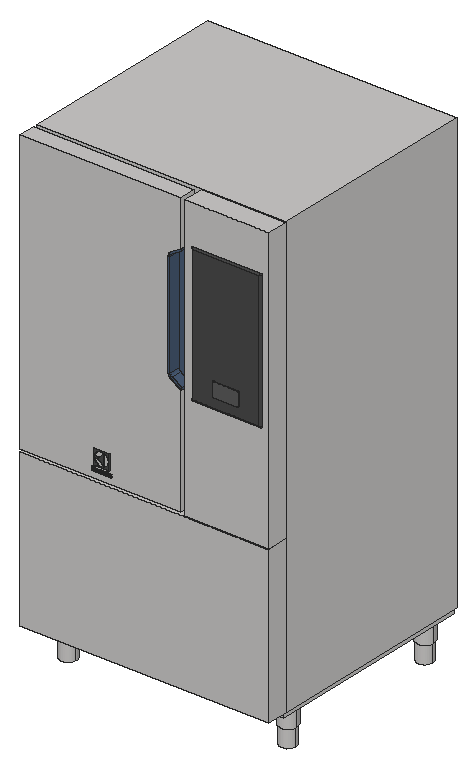
Revit family "QF_ELECTROLUXPROFESSIONAL_727734_EBFA11UE", category Specialty Equipment, Revit 2018
Family settings
  Round Connector Dimension = Use Diameter
  Part Type = Normal
  Work Plane-Based = No
  Always vertical = Yes
  Cut with Voids When Loaded = No
  Shared = No
  Room Calculation Point = No
Parameters
  Weight = 0.00 kg
  Watts = 0 W
  Volts = 380 V
  URL Manufacturer = "http://professional.electrolux.com"
  URL = "http://professional.electrolux.com"
  Steam Supply Size = 0 mm
  Steam Supply Minimum Pressure = 0.0 Pa
  Steam Supply Maximum Pressure = 0.0 Pa
  Steam Pounds per Hour = 0
  Show Logo [instance] = yes
  Show Clearance [instance] = yes
  Refrigeration Suction Line Size = 0 mm
  Refrigeration Liquid Line Size = 0 mm
  Refrigerant Compressor Remote = yes
  Manufacturer = "Electrolux"
  Phase = 3
  Model = "EBFA11UE"
  Length Actual = 895 mm  # constant formula
  Item Number = "727734"
  Hot Water Size = 0 mm
  Height Actual = 1731 mm  # constant formula
  HP = "5.6 HP"
  Gas Size = 0 mm
  Gas KW = 0
  Gas Input Pressure = 0 W
  Direct Waste Size = 139.7 mm
  Description = "SKYLINE CHILLS BLAST CHILLER FREEZER 50/50KG 10 GN 1/1 - WITH UV LAMP"
  Depth Actual = 939 mm  # constant formula
  Cycle = 50 Hz
  Condensate Return Size = 0 mm
  Compressed Air Volume = 0.0 L/s
  Compressed Air Size = 0 mm
  Compressed Air Pressure = 0.0 Pa
  Cold Water Size = 0 mm
  Accessory = yes
Reference planes
  plane 1 "Center X": y = 126.351
  plane 2: z = 0
  plane 3 "Center Y": x = -311.5
  plane 4 "LEFT": x = -759
  plane 5 "BACK": y = 547.851
  plane 6 "RIGHT": x = 136
  plane 7 "FRONT": y = -295.149
  plane 8: z = 130
  plane 9 "TOP": z = 1731
  plane 10: x = -707
  plane 11: y = 471.851
  plane 12: x = 84
  plane 13: y = -144.149
  plane 14: y = 639.851
  plane 15: y = -834.149
Forms (mm)
  Extrusion 1, solid, material "QF_Finishes_Stainless Steel"
    sketch origin (0, 0, 1731) x (-1, 0, 0) y (0, -1, 0)
      loop
        line (759, -547.851) -> (759, 219.149) -> (-136, 219.149) -> (-136, -547.851) -> (759, -547.851)
    from 0 to -1581
  Extrusion 2, solid, material "QF_Finishes_Stainless Steel"
    sketch origin (-759, -0.954, 258.709) x (0, 1, 0) y (0, 0, 1)
      loop
        line (548.805, 694.306) -> (548.805, 392.314) -> (633.5, 399.789)
        arc (633.5, 399.789) -> (638.702, 402.354) -> (640.805, 407.759) r 8
        line (640.805, 407.759) -> (640.805, 433.233)
        arc (640.805, 433.233) -> (636.783, 442.547) -> (640.805, 451.86) r 12.795
        line (640.805, 451.86) -> (640.805, 483.24)
        arc (640.805, 483.24) -> (636.783, 492.554) -> (640.805, 501.867) r 12.795
        line (640.805, 501.867) -> (640.805, 533.247)
        arc (640.805, 533.247) -> (636.783, 542.56) -> (640.805, 551.874) r 12.795
        line (640.805, 551.874) -> (640.805, 583.254)
        arc (640.805, 583.254) -> (636.783, 592.567) -> (640.805, 601.881) r 12.795
        line (640.805, 601.881) -> (640.805, 634.796)
        arc (640.805, 634.796) -> (639.466, 639.795) -> (635.808, 643.455) r 10
        line (635.808, 643.455) -> (548.805, 694.306)
    from 618.187 to 801.865
  Extrusion 3, solid, material "QF_Finishes_Stainless Steel"
    sketch origin (-54.727, 547.851, 2066) x (1, 0, 0) y (0, 0, -1)
      loop
        circle (121.727, 1473) r 10.5
    from 0 to 29
  Extrusion 4, solid, material "QF_Finishes_Stainless Steel"
    sketch origin (-1206.916, -1524, 130) x (-1, 0, 0) y (0, -1, 0)
      loop
        line (-447.916, -1228.851) -> (-1342.916, -1228.851) -> (-1342.916, -1303.851) -> (-447.916, -1303.851) -> (-447.916, -1228.851)
    from 580 to 20.02
  Extrusion 5, solid, material "QF_Finishes_Stainless Steel"
    sketch origin (-1206.916, -1524, 130) x (-1, 0, 0) y (0, -1, 0)
      loop
        line (-456.916, -2071.851) -> (-456.916, -1306.851) -> (-1333.916, -1306.851) -> (-1333.916, -2071.851) -> (-456.916, -2071.851)
    from 20 to 0
  Extrusion 6, solid, material "QF_Finishes_Stainless Steel"
    sketch origin (-1206.916, -1524, 130) x (0, -1, 0) y (-1, 0, 0)
      loop
        circle (-1673.851, -847.916) r 9.5
    from 0 to 31.68
  Extrusion 7, void
    sketch origin (1, 0, 1731) x (-1, 0, 0) y (0, -1, 0)
      loop
        line (132.09, -639.851) -> (141.813, -639.851) -> (141.813, -547.851) -> (140.183, -547.851) -> (132.09, -639.851)
      loop
        line (-40.234, -547.851) -> (-41.865, -547.851) -> (-41.865, -639.851) -> (-32.141, -639.851) -> (-40.234, -547.851)
    from -1080 to -770
  Extrusion 8, solid, material "QF_Finishes_Stainless Steel"
    sketch origin (-623, -295.149, 0) x (1, 0, 0) y (0, 0, -1)
      loop
        line (442.2, -1731) -> (442.2, -1568.97) -> (405.947, -1544.888)
        arc (405.947, -1544.888) -> (399.716, -1538.041) -> (397.46, -1529.062) r 19
        line (397.46, -1529.062) -> (397.46, -1154.149)
        arc (397.46, -1154.149) -> (399.839, -1144.688) -> (406.41, -1137.479) r 20
        line (406.41, -1137.479) -> (442.2, -1113.756) -> (442.2, -719.524) -> (-136, -719.524) -> (-136, -1731) -> (442.2, -1731)
    from 0 to 60
  Extrusion 9, solid, material "QF_Finishes_Stainless Steel"
    sketch origin (-623, 0, 1060.038) x (1, 0, 0) y (0, 1, 0)
      loop
        line (759, -295.149) -> (759, -220.149) -> (457, -220.149) -> (457, -295.149) -> (759, -295.149)
    from 670.962 to -349
  Extrusion 10, solid, material "QF_Door-Drawer Clearances", visible <- "Show Clearance", detail levels coarse
    sketch origin (-623, 0, 1060.038) x (1, 0, 0) y (0, 1, 0)
      loop
        line (-82, -295.149) -> (-82, -831.649)
        arc (-82, -831.649) -> (284.195, -665.108) -> (442.2, -295.149) r 556
        line (442.2, -295.149) -> (-82, -295.149)
    from -340.514 to 670.962
  Extrusion 11, solid, material "QF_Finishes_Stainless Steel"
    sketch origin (-632, -235.149, 600.072) x (1, 0, 0) y (0, 0, -1)
      loop
        line (406.46, -554.076) -> (406.46, -928.989)
        arc (406.46, -928.989) -> (408.716, -937.969) -> (414.947, -944.816) r 19
        line (414.947, -944.816) -> (451.2, -968.898) -> (451.2, -513.683) -> (415.41, -537.406)
        arc (415.41, -537.406) -> (408.839, -544.616) -> (406.46, -554.076) r 20
    from -21 to 0
  Extrusion 12, solid, material "QF_Finishes_Electrolux_Blue"
    sketch origin (-632, -295.149, 600.072) x (-1, 0, 0) y (0, 0, -1)
      loop
        line (-451.2, -968.898) -> (-414.947, -944.816)
        arc (-414.947, -944.816) -> (-408.716, -937.969) -> (-406.46, -928.989) r 19
        line (-406.46, -928.989) -> (-406.46, -554.076)
        arc (-406.46, -554.076) -> (-408.839, -544.616) -> (-415.41, -537.406) r 20
        line (-415.41, -537.406) -> (-451.2, -513.683) -> (-453.7, -513.683) -> (-453.7, -519.824) -> (-419.001, -542.824)
        arc (-419.001, -542.824) -> (-414.566, -547.691) -> (-412.96, -554.076) r 13.5
        line (-412.96, -554.076) -> (-412.96, -928.989)
        arc (-412.96, -928.989) -> (-414.444, -934.897) -> (-418.543, -939.401) r 12.5
        line (-418.543, -939.401) -> (-453.7, -962.755) -> (-453.7, -968.898) -> (-451.2, -968.898)
    from -39 to 1
  Extrusion 13, void
    sketch origin (136, -219.149, 1731) x (1, 0, 0) y (0, 0, -1)
      loop
        line (-366.8, 60) -> (-366.8, 962) -> (-834, 962) -> (-834, 60) -> (-366.8, 60)
    from 0 to 705
  Extrusion 14, solid, material "QF_Door-Drawer Clearances", visible <- "Show Clearance", detail levels coarse
    sketch origin (-765, -389.449, 0) x (0, -1, 0) y (0, 0, -1)
      loop
        line (442.2, -1731) -> (442.2, -1568.97) -> (405.947, -1544.888)
        arc (405.947, -1544.888) -> (399.716, -1538.041) -> (397.46, -1529.062) r 19
        line (397.46, -1529.062) -> (397.46, -1154.149)
        arc (397.46, -1154.149) -> (399.839, -1144.688) -> (406.41, -1137.479) r 20
        line (406.41, -1137.479) -> (442.2, -1113.756) -> (442.2, -719.524) -> (-94.3, -719.524) -> (-94.3, -1731) -> (442.2, -1731)
    from 0 to 60
  Extrusion 15, solid, material "QF_Door-Drawer Clearances", visible <- "Show Clearance", detail levels coarse
    sketch origin (-705, -380.449, 600.072) x (0, -1, 0) y (0, 0, -1)
      loop
        line (406.46, -554.076) -> (406.46, -928.989)
        arc (406.46, -928.989) -> (408.716, -937.969) -> (414.947, -944.816) r 19
        line (414.947, -944.816) -> (451.2, -968.898) -> (451.2, -513.683) -> (415.41, -537.406)
        arc (415.41, -537.406) -> (408.839, -544.616) -> (406.46, -554.076) r 20
    from -21 to 0
  Extrusion 16, solid, material "QF_Door-Drawer Clearances", visible <- "Show Clearance", detail levels coarse
    sketch origin (-765, -380.449, 600.072) x (0, 1, 0) y (0, 0, -1)
      loop
        line (-451.2, -968.898) -> (-414.947, -944.816)
        arc (-414.947, -944.816) -> (-408.716, -937.969) -> (-406.46, -928.989) r 19
        line (-406.46, -928.989) -> (-406.46, -554.076)
        arc (-406.46, -554.076) -> (-408.839, -544.616) -> (-415.41, -537.406) r 20
        line (-415.41, -537.406) -> (-451.2, -513.683) -> (-453.7, -513.683) -> (-453.7, -519.824) -> (-419.001, -542.824)
        arc (-419.001, -542.824) -> (-414.566, -547.691) -> (-412.96, -554.076) r 13.5
        line (-412.96, -554.076) -> (-412.96, -928.989)
        arc (-412.96, -928.989) -> (-414.444, -934.897) -> (-418.543, -939.401) r 12.5
        line (-418.543, -939.401) -> (-453.7, -962.755) -> (-453.7, -968.898) -> (-451.2, -968.898)
    from -39 to 1
Cuts and joins
  Extrusion 13 cuts Extrusion 1
  Extrusion 7, Extrusion 13 cuts Extrusion 2
  Extrusion 13 cuts Extrusion 3
  Extrusion 13 cuts Extrusion 5
  Extrusion 13 cuts Extrusion 6
  joined: Extrusion 1, Extrusion 2, Extrusion 3, Extrusion 5, Extrusion 6
  joined: Extrusion 10, Extrusion 14, Extrusion 15, Extrusion 16
Lines and regions (mm)
  Split face 1
    outline origin (594.146, -295.149, -365.12) x (-1, 0, 0) y (0, 0, -1)
      loop
        line (490.638, -548.639) -> (600.654, -548.639) -> (600.654, -543.665) -> (490.638, -543.665) -> (490.638, -548.639)
  Split face 2
    outline origin (594.146, -295.149, -355.62) x (-1, 0, 0) y (0, 0, -1)
      loop
        line (490.638, -548.639) -> (600.654, -548.639) -> (600.654, -543.665) -> (490.638, -543.665) -> (490.638, -548.639)
  Split face 3
    outline origin (594.146, -295.149, -346.12) x (-1, 0, 0) y (0, 0, -1)
      loop
        line (490.638, -548.639) -> (600.654, -548.639) -> (600.654, -543.665) -> (490.638, -543.665) -> (490.638, -548.639)
  Split face 4
    outline origin (594.146, -295.149, -336.62) x (-1, 0, 0) y (0, 0, -1)
      loop
        line (490.638, -548.639) -> (600.654, -548.639) -> (600.654, -543.665) -> (490.638, -543.665) -> (490.638, -548.639)
  Split face 5
    outline origin (594.146, -295.149, -327.12) x (-1, 0, 0) y (0, 0, -1)
      loop
        line (490.638, -548.639) -> (600.654, -548.639) -> (600.654, -543.665) -> (490.638, -543.665) -> (490.638, -548.639)
  Split face 6
    outline origin (594.146, -295.149, -317.619) x (-1, 0, 0) y (0, 0, -1)
      loop
        line (490.638, -548.639) -> (600.654, -548.639) -> (600.654, -543.665) -> (490.638, -543.665) -> (490.638, -548.639)
  Split face 7
    outline origin (594.146, -295.149, -308.119) x (-1, 0, 0) y (0, 0, -1)
      loop
        line (490.638, -548.639) -> (600.654, -548.639) -> (600.654, -543.665) -> (490.638, -543.665) -> (490.638, -548.639)
  Split face 8
    outline origin (594.146, -295.149, -298.619) x (-1, 0, 0) y (0, 0, -1)
      loop
        line (490.638, -548.639) -> (600.654, -548.639) -> (600.654, -543.665) -> (490.638, -543.665) -> (490.638, -548.639)
  Split face 9
    outline origin (594.146, -295.149, -289.119) x (-1, 0, 0) y (0, 0, -1)
      loop
        line (490.638, -548.639) -> (600.654, -548.639) -> (600.654, -543.665) -> (490.638, -543.665) -> (490.638, -548.639)
  Split face 10
    outline origin (594.146, -295.149, -279.619) x (-1, 0, 0) y (0, 0, -1)
      loop
        line (490.638, -548.639) -> (600.654, -548.639) -> (600.654, -543.665) -> (490.638, -543.665) -> (490.638, -548.639)
  Split face 11
    outline origin (594.146, -295.149, -270.119) x (-1, 0, 0) y (0, 0, -1)
      loop
        line (490.638, -548.639) -> (600.654, -548.639) -> (600.654, -543.665) -> (490.638, -543.665) -> (490.638, -548.639)
  Split face 12
    outline origin (594.146, -295.149, -260.619) x (-1, 0, 0) y (0, 0, -1)
      loop
        line (490.638, -548.639) -> (600.654, -548.639) -> (600.654, -543.665) -> (490.638, -543.665) -> (490.638, -548.639)
  Split face 13
    outline origin (594.146, -295.149, -251.119) x (-1, 0, 0) y (0, 0, -1)
      loop
        line (490.638, -548.639) -> (600.654, -548.639) -> (600.654, -543.665) -> (490.638, -543.665) -> (490.638, -548.639)
  Split face 14
    outline origin (594.146, -295.149, -241.619) x (-1, 0, 0) y (0, 0, -1)
      loop
        line (490.638, -548.639) -> (600.654, -548.639) -> (600.654, -543.665) -> (490.638, -543.665) -> (490.638, -548.639)
  Split face 15
    outline origin (594.146, -295.149, -232.119) x (-1, 0, 0) y (0, 0, -1)
      loop
        line (490.638, -548.639) -> (600.654, -548.639) -> (600.654, -543.665) -> (490.638, -543.665) -> (490.638, -548.639)
  Split face 16
    outline origin (594.146, -295.149, -222.619) x (-1, 0, 0) y (0, 0, -1)
      loop
        line (490.638, -548.639) -> (600.654, -548.639) -> (600.654, -543.665) -> (490.638, -543.665) -> (490.638, -548.639)
  Split face 17
    outline origin (594.146, -295.149, -213.119) x (-1, 0, 0) y (0, 0, -1)
      loop
        line (490.638, -548.639) -> (600.654, -548.639) -> (600.654, -543.665) -> (490.638, -543.665) -> (490.638, -548.639)
  Split face 18
    outline origin (594.146, -295.149, -203.619) x (-1, 0, 0) y (0, 0, -1)
      loop
        line (490.638, -548.639) -> (600.654, -548.639) -> (600.654, -543.665) -> (490.638, -543.665) -> (490.638, -548.639)
  Split face 19
    outline origin (594.146, -295.149, -194.118) x (-1, 0, 0) y (0, 0, -1)
      loop
        line (490.638, -548.639) -> (600.654, -548.639) -> (600.654, -543.665) -> (490.638, -543.665) -> (490.638, -548.639)
  Split face 20
    outline origin (594.146, -295.149, -184.618) x (-1, 0, 0) y (0, 0, -1)
      loop
        line (490.638, -548.639) -> (600.654, -548.639) -> (600.654, -543.665) -> (490.638, -543.665) -> (490.638, -548.639)
  Split face 21
    outline origin (594.146, -295.149, -175.118) x (-1, 0, 0) y (0, 0, -1)
      loop
        line (490.638, -548.639) -> (600.654, -548.639) -> (600.654, -543.665) -> (490.638, -543.665) -> (490.638, -548.639)
  Split face 22
    outline origin (594.146, -295.149, -165.618) x (-1, 0, 0) y (0, 0, -1)
      loop
        line (490.638, -548.639) -> (600.654, -548.639) -> (600.654, -543.665) -> (490.638, -543.665) -> (490.638, -548.639)
  Split face 23
    outline origin (594.146, -295.149, -156.118) x (-1, 0, 0) y (0, 0, -1)
      loop
        line (490.638, -548.639) -> (600.654, -548.639) -> (600.654, -543.665) -> (490.638, -543.665) -> (490.638, -548.639)
  Split face 24
    outline origin (594.146, -295.149, -146.618) x (-1, 0, 0) y (0, 0, -1)
      loop
        line (490.638, -548.639) -> (600.654, -548.639) -> (600.654, -543.665) -> (490.638, -543.665) -> (490.638, -548.639)
  Split face 25
    outline origin (594.146, -295.149, -137.118) x (-1, 0, 0) y (0, 0, -1)
      loop
        line (490.638, -548.639) -> (600.654, -548.639) -> (600.654, -543.665) -> (490.638, -543.665) -> (490.638, -548.639)
  Split face 26
    outline origin (594.146, -295.149, -127.618) x (-1, 0, 0) y (0, 0, -1)
      loop
        line (490.638, -548.639) -> (600.654, -548.639) -> (600.654, -543.665) -> (490.638, -543.665) -> (490.638, -548.639)
  Split face 27
    outline origin (594.146, -295.149, -118.118) x (-1, 0, 0) y (0, 0, -1)
      loop
        line (490.638, -548.639) -> (600.654, -548.639) -> (600.654, -543.665) -> (490.638, -543.665) -> (490.638, -548.639)
  Split face 28
    outline origin (594.146, -295.149, -108.618) x (-1, 0, 0) y (0, 0, -1)
      loop
        line (490.638, -548.639) -> (600.654, -548.639) -> (600.654, -543.665) -> (490.638, -543.665) -> (490.638, -548.639)
  Split face 29
    outline origin (594.146, -295.149, -99.118) x (-1, 0, 0) y (0, 0, -1)
      loop
        line (490.638, -548.639) -> (600.654, -548.639) -> (600.654, -543.665) -> (490.638, -543.665) -> (490.638, -548.639)
  Split face 30
    outline origin (594.146, -295.149, -89.618) x (-1, 0, 0) y (0, 0, -1)
      loop
        line (490.638, -548.639) -> (600.654, -548.639) -> (600.654, -543.665) -> (490.638, -543.665) -> (490.638, -548.639)
  Split face 31
    outline origin (594.146, -295.149, -80.117) x (-1, 0, 0) y (0, 0, -1)
      loop
        line (490.638, -548.639) -> (600.654, -548.639) -> (600.654, -543.665) -> (490.638, -543.665) -> (490.638, -548.639)
  Split face 32
    outline origin (594.146, -295.149, -70.617) x (-1, 0, 0) y (0, 0, -1)
      loop
        line (490.638, -548.639) -> (600.654, -548.639) -> (600.654, -543.665) -> (490.638, -543.665) -> (490.638, -548.639)
  Split face 33
    outline origin (594.146, -295.149, -61.117) x (-1, 0, 0) y (0, 0, -1)
      loop
        line (490.638, -548.639) -> (600.654, -548.639) -> (600.654, -543.665) -> (490.638, -543.665) -> (490.638, -548.639)
  Split face 34
    outline origin (594.146, -295.149, -51.617) x (-1, 0, 0) y (0, 0, -1)
      loop
        line (490.638, -548.639) -> (600.654, -548.639) -> (600.654, -543.665) -> (490.638, -543.665) -> (490.638, -548.639)
  Split face 35
    outline origin (594.146, -295.149, -42.117) x (-1, 0, 0) y (0, 0, -1)
      loop
        line (490.638, -548.639) -> (600.654, -548.639) -> (600.654, -543.665) -> (490.638, -543.665) -> (490.638, -548.639)
  Split face 36
    outline origin (594.146, -295.149, -32.617) x (-1, 0, 0) y (0, 0, -1)
      loop
        line (490.638, -548.639) -> (600.654, -548.639) -> (600.654, -543.665) -> (490.638, -543.665) -> (490.638, -548.639)
  Split face 37
    outline origin (594.146, -295.149, -23.117) x (-1, 0, 0) y (0, 0, -1)
      loop
        line (490.638, -548.639) -> (600.654, -548.639) -> (600.654, -543.665) -> (490.638, -543.665) -> (490.638, -548.639)
  Split face 38
    outline origin (594.146, -295.149, -13.617) x (-1, 0, 0) y (0, 0, -1)
      loop
        line (490.638, -548.639) -> (600.654, -548.639) -> (600.654, -543.665) -> (490.638, -543.665) -> (490.638, -548.639)
  Split face 39
    outline origin (594.146, -295.149, -4.117) x (-1, 0, 0) y (0, 0, -1)
      loop
        line (490.638, -548.639) -> (600.654, -548.639) -> (600.654, -543.665) -> (490.638, -543.665) -> (490.638, -548.639)
  Split face 40
    outline origin (594.146, -295.149, 5.383) x (-1, 0, 0) y (0, 0, -1)
      loop
        line (490.638, -548.639) -> (600.654, -548.639) -> (600.654, -543.665) -> (490.638, -543.665) -> (490.638, -548.639)
  Split face 41
    outline origin (594.146, -295.149, 14.883) x (-1, 0, 0) y (0, 0, -1)
      loop
        line (490.638, -548.639) -> (600.654, -548.639) -> (600.654, -543.665) -> (490.638, -543.665) -> (490.638, -548.639)
  Split face 42
    outline origin (474.155, -295.149, -365.12) x (-1, 0, 0) y (0, 0, -1)
      loop
        line (490.638, -548.639) -> (600.654, -548.639) -> (600.654, -543.665) -> (490.638, -543.665) -> (490.638, -548.639)
  Split face 43
    outline origin (474.155, -295.149, -355.62) x (-1, 0, 0) y (0, 0, -1)
      loop
        line (490.638, -548.639) -> (600.654, -548.639) -> (600.654, -543.665) -> (490.638, -543.665) -> (490.638, -548.639)
  Split face 44
    outline origin (474.155, -295.149, -346.12) x (-1, 0, 0) y (0, 0, -1)
      loop
        line (490.638, -548.639) -> (600.654, -548.639) -> (600.654, -543.665) -> (490.638, -543.665) -> (490.638, -548.639)
  Split face 45
    outline origin (474.155, -295.149, -336.62) x (-1, 0, 0) y (0, 0, -1)
      loop
        line (490.638, -548.639) -> (600.654, -548.639) -> (600.654, -543.665) -> (490.638, -543.665) -> (490.638, -548.639)
  Split face 46
    outline origin (474.155, -295.149, -327.12) x (-1, 0, 0) y (0, 0, -1)
      loop
        line (490.638, -548.639) -> (600.654, -548.639) -> (600.654, -543.665) -> (490.638, -543.665) -> (490.638, -548.639)
  Split face 47
    outline origin (474.155, -295.149, -317.619) x (-1, 0, 0) y (0, 0, -1)
      loop
        line (490.638, -548.639) -> (600.654, -548.639) -> (600.654, -543.665) -> (490.638, -543.665) -> (490.638, -548.639)
  Split face 48
    outline origin (474.155, -295.149, -308.119) x (-1, 0, 0) y (0, 0, -1)
      loop
        line (490.638, -548.639) -> (600.654, -548.639) -> (600.654, -543.665) -> (490.638, -543.665) -> (490.638, -548.639)
  Split face 49
    outline origin (474.155, -295.149, -298.619) x (-1, 0, 0) y (0, 0, -1)
      loop
        line (490.638, -548.639) -> (600.654, -548.639) -> (600.654, -543.665) -> (490.638, -543.665) -> (490.638, -548.639)
  Split face 50
    outline origin (474.155, -295.149, -289.119) x (-1, 0, 0) y (0, 0, -1)
      loop
        line (490.638, -548.639) -> (600.654, -548.639) -> (600.654, -543.665) -> (490.638, -543.665) -> (490.638, -548.639)
  Split face 51
    outline origin (474.155, -295.149, -279.619) x (-1, 0, 0) y (0, 0, -1)
      loop
        line (490.638, -548.639) -> (600.654, -548.639) -> (600.654, -543.665) -> (490.638, -543.665) -> (490.638, -548.639)
  Split face 52
    outline origin (474.155, -295.149, -270.119) x (-1, 0, 0) y (0, 0, -1)
      loop
        line (490.638, -548.639) -> (600.654, -548.639) -> (600.654, -543.665) -> (490.638, -543.665) -> (490.638, -548.639)
  Split face 53
    outline origin (474.155, -295.149, -260.619) x (-1, 0, 0) y (0, 0, -1)
      loop
        line (490.638, -548.639) -> (600.654, -548.639) -> (600.654, -543.665) -> (490.638, -543.665) -> (490.638, -548.639)
  Split face 54
    outline origin (474.155, -295.149, -251.119) x (-1, 0, 0) y (0, 0, -1)
      loop
        line (490.638, -548.639) -> (600.654, -548.639) -> (600.654, -543.665) -> (490.638, -543.665) -> (490.638, -548.639)
  Split face 55
    outline origin (474.155, -295.149, -241.619) x (-1, 0, 0) y (0, 0, -1)
      loop
        line (490.638, -548.639) -> (600.654, -548.639) -> (600.654, -543.665) -> (490.638, -543.665) -> (490.638, -548.639)
  Split face 56
    outline origin (474.155, -295.149, -232.119) x (-1, 0, 0) y (0, 0, -1)
      loop
        line (490.638, -548.639) -> (600.654, -548.639) -> (600.654, -543.665) -> (490.638, -543.665) -> (490.638, -548.639)
  Split face 57
    outline origin (474.155, -295.149, -222.619) x (-1, 0, 0) y (0, 0, -1)
      loop
        line (490.638, -548.639) -> (600.654, -548.639) -> (600.654, -543.665) -> (490.638, -543.665) -> (490.638, -548.639)
  Split face 58
    outline origin (474.155, -295.149, -213.119) x (-1, 0, 0) y (0, 0, -1)
      loop
        line (490.638, -548.639) -> (600.654, -548.639) -> (600.654, -543.665) -> (490.638, -543.665) -> (490.638, -548.639)
  Split face 59
    outline origin (474.155, -295.149, -203.619) x (-1, 0, 0) y (0, 0, -1)
      loop
        line (490.638, -548.639) -> (600.654, -548.639) -> (600.654, -543.665) -> (490.638, -543.665) -> (490.638, -548.639)
  Split face 60
    outline origin (474.155, -295.149, -194.118) x (-1, 0, 0) y (0, 0, -1)
      loop
        line (490.638, -548.639) -> (600.654, -548.639) -> (600.654, -543.665) -> (490.638, -543.665) -> (490.638, -548.639)
  Split face 61
    outline origin (474.155, -295.149, -184.618) x (-1, 0, 0) y (0, 0, -1)
      loop
        line (490.638, -548.639) -> (600.654, -548.639) -> (600.654, -543.665) -> (490.638, -543.665) -> (490.638, -548.639)
  Split face 62
    outline origin (474.155, -295.149, -175.118) x (-1, 0, 0) y (0, 0, -1)
      loop
        line (490.638, -548.639) -> (600.654, -548.639) -> (600.654, -543.665) -> (490.638, -543.665) -> (490.638, -548.639)
  Split face 63
    outline origin (474.155, -295.149, -165.618) x (-1, 0, 0) y (0, 0, -1)
      loop
        line (490.638, -548.639) -> (600.654, -548.639) -> (600.654, -543.665) -> (490.638, -543.665) -> (490.638, -548.639)
  Split face 64
    outline origin (474.155, -295.149, -156.118) x (-1, 0, 0) y (0, 0, -1)
      loop
        line (490.638, -548.639) -> (600.654, -548.639) -> (600.654, -543.665) -> (490.638, -543.665) -> (490.638, -548.639)
  Split face 65
    outline origin (474.155, -295.149, -146.618) x (-1, 0, 0) y (0, 0, -1)
      loop
        line (490.638, -548.639) -> (600.654, -548.639) -> (600.654, -543.665) -> (490.638, -543.665) -> (490.638, -548.639)
  Split face 66
    outline origin (474.155, -295.149, -137.118) x (-1, 0, 0) y (0, 0, -1)
      loop
        line (490.638, -548.639) -> (600.654, -548.639) -> (600.654, -543.665) -> (490.638, -543.665) -> (490.638, -548.639)
  Split face 67
    outline origin (474.155, -295.149, -127.618) x (-1, 0, 0) y (0, 0, -1)
      loop
        line (490.638, -548.639) -> (600.654, -548.639) -> (600.654, -543.665) -> (490.638, -543.665) -> (490.638, -548.639)
  Split face 68
    outline origin (474.155, -295.149, -118.118) x (-1, 0, 0) y (0, 0, -1)
      loop
        line (490.638, -548.639) -> (600.654, -548.639) -> (600.654, -543.665) -> (490.638, -543.665) -> (490.638, -548.639)
  Split face 69
    outline origin (474.155, -295.149, -108.618) x (-1, 0, 0) y (0, 0, -1)
      loop
        line (490.638, -548.639) -> (600.654, -548.639) -> (600.654, -543.665) -> (490.638, -543.665) -> (490.638, -548.639)
  Split face 70
    outline origin (474.155, -295.149, -99.118) x (-1, 0, 0) y (0, 0, -1)
      loop
        line (490.638, -548.639) -> (600.654, -548.639) -> (600.654, -543.665) -> (490.638, -543.665) -> (490.638, -548.639)
  Split face 71
    outline origin (474.155, -295.149, -89.618) x (-1, 0, 0) y (0, 0, -1)
      loop
        line (490.638, -548.639) -> (600.654, -548.639) -> (600.654, -543.665) -> (490.638, -543.665) -> (490.638, -548.639)
  Split face 72
    outline origin (474.155, -295.149, -80.117) x (-1, 0, 0) y (0, 0, -1)
      loop
        line (490.638, -548.639) -> (600.654, -548.639) -> (600.654, -543.665) -> (490.638, -543.665) -> (490.638, -548.639)
  Split face 73
    outline origin (474.155, -295.149, -70.617) x (-1, 0, 0) y (0, 0, -1)
      loop
        line (490.638, -548.639) -> (600.654, -548.639) -> (600.654, -543.665) -> (490.638, -543.665) -> (490.638, -548.639)
  Split face 74
    outline origin (474.155, -295.149, -61.117) x (-1, 0, 0) y (0, 0, -1)
      loop
        line (490.638, -548.639) -> (600.654, -548.639) -> (600.654, -543.665) -> (490.638, -543.665) -> (490.638, -548.639)
  Split face 75
    outline origin (474.155, -295.149, -51.617) x (-1, 0, 0) y (0, 0, -1)
      loop
        line (490.638, -548.639) -> (600.654, -548.639) -> (600.654, -543.665) -> (490.638, -543.665) -> (490.638, -548.639)
  Split face 76
    outline origin (474.155, -295.149, -42.117) x (-1, 0, 0) y (0, 0, -1)
      loop
        line (490.638, -548.639) -> (600.654, -548.639) -> (600.654, -543.665) -> (490.638, -543.665) -> (490.638, -548.639)
  Split face 77
    outline origin (474.155, -295.149, -32.617) x (-1, 0, 0) y (0, 0, -1)
      loop
        line (490.638, -548.639) -> (600.654, -548.639) -> (600.654, -543.665) -> (490.638, -543.665) -> (490.638, -548.639)
  Split face 78
    outline origin (474.155, -295.149, -23.117) x (-1, 0, 0) y (0, 0, -1)
      loop
        line (490.638, -548.639) -> (600.654, -548.639) -> (600.654, -543.665) -> (490.638, -543.665) -> (490.638, -548.639)
  Split face 79
    outline origin (474.155, -295.149, -13.617) x (-1, 0, 0) y (0, 0, -1)
      loop
        line (490.638, -548.639) -> (600.654, -548.639) -> (600.654, -543.665) -> (490.638, -543.665) -> (490.638, -548.639)
  Split face 80
    outline origin (474.155, -295.149, -4.117) x (-1, 0, 0) y (0, 0, -1)
      loop
        line (490.638, -548.639) -> (600.654, -548.639) -> (600.654, -543.665) -> (490.638, -543.665) -> (490.638, -548.639)
  Split face 81
    outline origin (474.155, -295.149, 5.383) x (-1, 0, 0) y (0, 0, -1)
      loop
        line (490.638, -548.639) -> (600.654, -548.639) -> (600.654, -543.665) -> (490.638, -543.665) -> (490.638, -548.639)
  Split face 82
    outline origin (474.155, -295.149, 14.883) x (-1, 0, 0) y (0, 0, -1)
      loop
        line (490.638, -548.639) -> (600.654, -548.639) -> (600.654, -543.665) -> (490.638, -543.665) -> (490.638, -548.639)
  Split face 83
    outline origin (354.164, -295.149, -365.12) x (-1, 0, 0) y (0, 0, -1)
      loop
        line (490.638, -548.639) -> (600.654, -548.639) -> (600.654, -543.665) -> (490.638, -543.665) -> (490.638, -548.639)
  Split face 84
    outline origin (354.164, -295.149, -355.62) x (-1, 0, 0) y (0, 0, -1)
      loop
        line (490.638, -548.639) -> (600.654, -548.639) -> (600.654, -543.665) -> (490.638, -543.665) -> (490.638, -548.639)
  Split face 85
    outline origin (354.164, -295.149, -346.12) x (-1, 0, 0) y (0, 0, -1)
      loop
        line (490.638, -548.639) -> (600.654, -548.639) -> (600.654, -543.665) -> (490.638, -543.665) -> (490.638, -548.639)
  Split face 86
    outline origin (354.164, -295.149, -336.62) x (-1, 0, 0) y (0, 0, -1)
      loop
        line (490.638, -548.639) -> (600.654, -548.639) -> (600.654, -543.665) -> (490.638, -543.665) -> (490.638, -548.639)
  Split face 87
    outline origin (354.164, -295.149, -327.12) x (-1, 0, 0) y (0, 0, -1)
      loop
        line (490.638, -548.639) -> (600.654, -548.639) -> (600.654, -543.665) -> (490.638, -543.665) -> (490.638, -548.639)
  Split face 88
    outline origin (354.164, -295.149, -317.619) x (-1, 0, 0) y (0, 0, -1)
      loop
        line (490.638, -548.639) -> (600.654, -548.639) -> (600.654, -543.665) -> (490.638, -543.665) -> (490.638, -548.639)
  Split face 89
    outline origin (354.164, -295.149, -308.119) x (-1, 0, 0) y (0, 0, -1)
      loop
        line (490.638, -548.639) -> (600.654, -548.639) -> (600.654, -543.665) -> (490.638, -543.665) -> (490.638, -548.639)
  Split face 90
    outline origin (354.164, -295.149, -298.619) x (-1, 0, 0) y (0, 0, -1)
      loop
        line (490.638, -548.639) -> (600.654, -548.639) -> (600.654, -543.665) -> (490.638, -543.665) -> (490.638, -548.639)
  Split face 91
    outline origin (354.164, -295.149, -289.119) x (-1, 0, 0) y (0, 0, -1)
      loop
        line (490.638, -548.639) -> (600.654, -548.639) -> (600.654, -543.665) -> (490.638, -543.665) -> (490.638, -548.639)
  Split face 92
    outline origin (354.164, -295.149, -279.619) x (-1, 0, 0) y (0, 0, -1)
      loop
        line (490.638, -548.639) -> (600.654, -548.639) -> (600.654, -543.665) -> (490.638, -543.665) -> (490.638, -548.639)
  Split face 93
    outline origin (354.164, -295.149, -270.119) x (-1, 0, 0) y (0, 0, -1)
      loop
        line (490.638, -548.639) -> (600.654, -548.639) -> (600.654, -543.665) -> (490.638, -543.665) -> (490.638, -548.639)
  Split face 94
    outline origin (354.164, -295.149, -260.619) x (-1, 0, 0) y (0, 0, -1)
      loop
        line (490.638, -548.639) -> (600.654, -548.639) -> (600.654, -543.665) -> (490.638, -543.665) -> (490.638, -548.639)
  Split face 95
    outline origin (354.164, -295.149, -251.119) x (-1, 0, 0) y (0, 0, -1)
      loop
        line (490.638, -548.639) -> (600.654, -548.639) -> (600.654, -543.665) -> (490.638, -543.665) -> (490.638, -548.639)
  Split face 96
    outline origin (354.164, -295.149, -241.619) x (-1, 0, 0) y (0, 0, -1)
      loop
        line (490.638, -548.639) -> (600.654, -548.639) -> (600.654, -543.665) -> (490.638, -543.665) -> (490.638, -548.639)
  Split face 97
    outline origin (354.164, -295.149, -232.119) x (-1, 0, 0) y (0, 0, -1)
      loop
        line (490.638, -548.639) -> (600.654, -548.639) -> (600.654, -543.665) -> (490.638, -543.665) -> (490.638, -548.639)
  Split face 98
    outline origin (354.164, -295.149, -222.619) x (-1, 0, 0) y (0, 0, -1)
      loop
        line (490.638, -548.639) -> (600.654, -548.639) -> (600.654, -543.665) -> (490.638, -543.665) -> (490.638, -548.639)
  Split face 99
    outline origin (354.164, -295.149, -213.119) x (-1, 0, 0) y (0, 0, -1)
      loop
        line (490.638, -548.639) -> (600.654, -548.639) -> (600.654, -543.665) -> (490.638, -543.665) -> (490.638, -548.639)
  Split face 100
    outline origin (354.164, -295.149, -203.619) x (-1, 0, 0) y (0, 0, -1)
      loop
        line (490.638, -548.639) -> (600.654, -548.639) -> (600.654, -543.665) -> (490.638, -543.665) -> (490.638, -548.639)
  Split face 101
    outline origin (354.164, -295.149, -194.118) x (-1, 0, 0) y (0, 0, -1)
      loop
        line (490.638, -548.639) -> (600.654, -548.639) -> (600.654, -543.665) -> (490.638, -543.665) -> (490.638, -548.639)
  Split face 102
    outline origin (354.164, -295.149, -184.618) x (-1, 0, 0) y (0, 0, -1)
      loop
        line (490.638, -548.639) -> (600.654, -548.639) -> (600.654, -543.665) -> (490.638, -543.665) -> (490.638, -548.639)
  Split face 103
    outline origin (354.164, -295.149, -175.118) x (-1, 0, 0) y (0, 0, -1)
      loop
        line (490.638, -548.639) -> (600.654, -548.639) -> (600.654, -543.665) -> (490.638, -543.665) -> (490.638, -548.639)
  Split face 104
    outline origin (354.164, -295.149, -165.618) x (-1, 0, 0) y (0, 0, -1)
      loop
        line (490.638, -548.639) -> (600.654, -548.639) -> (600.654, -543.665) -> (490.638, -543.665) -> (490.638, -548.639)
  Split face 105
    outline origin (354.164, -295.149, -156.118) x (-1, 0, 0) y (0, 0, -1)
      loop
        line (490.638, -548.639) -> (600.654, -548.639) -> (600.654, -543.665) -> (490.638, -543.665) -> (490.638, -548.639)
  Split face 106
    outline origin (354.164, -295.149, -146.618) x (-1, 0, 0) y (0, 0, -1)
      loop
        line (490.638, -548.639) -> (600.654, -548.639) -> (600.654, -543.665) -> (490.638, -543.665) -> (490.638, -548.639)
  Split face 107
    outline origin (354.164, -295.149, -137.118) x (-1, 0, 0) y (0, 0, -1)
      loop
        line (490.638, -548.639) -> (600.654, -548.639) -> (600.654, -543.665) -> (490.638, -543.665) -> (490.638, -548.639)
  Split face 108
    outline origin (354.164, -295.149, -127.618) x (-1, 0, 0) y (0, 0, -1)
      loop
        line (490.638, -548.639) -> (600.654, -548.639) -> (600.654, -543.665) -> (490.638, -543.665) -> (490.638, -548.639)
  Split face 109
    outline origin (354.164, -295.149, -118.118) x (-1, 0, 0) y (0, 0, -1)
      loop
        line (490.638, -548.639) -> (600.654, -548.639) -> (600.654, -543.665) -> (490.638, -543.665) -> (490.638, -548.639)
  Split face 110
    outline origin (354.164, -295.149, -108.618) x (-1, 0, 0) y (0, 0, -1)
      loop
        line (490.638, -548.639) -> (600.654, -548.639) -> (600.654, -543.665) -> (490.638, -543.665) -> (490.638, -548.639)
  Split face 111
    outline origin (354.164, -295.149, -99.118) x (-1, 0, 0) y (0, 0, -1)
      loop
        line (490.638, -548.639) -> (600.654, -548.639) -> (600.654, -543.665) -> (490.638, -543.665) -> (490.638, -548.639)
  Split face 112
    outline origin (354.164, -295.149, -89.618) x (-1, 0, 0) y (0, 0, -1)
      loop
        line (490.638, -548.639) -> (600.654, -548.639) -> (600.654, -543.665) -> (490.638, -543.665) -> (490.638, -548.639)
  Split face 113
    outline origin (354.164, -295.149, -80.117) x (-1, 0, 0) y (0, 0, -1)
      loop
        line (490.638, -548.639) -> (600.654, -548.639) -> (600.654, -543.665) -> (490.638, -543.665) -> (490.638, -548.639)
  Split face 114
    outline origin (354.164, -295.149, -70.617) x (-1, 0, 0) y (0, 0, -1)
      loop
        line (490.638, -548.639) -> (600.654, -548.639) -> (600.654, -543.665) -> (490.638, -543.665) -> (490.638, -548.639)
  Split face 115
    outline origin (354.164, -295.149, -61.117) x (-1, 0, 0) y (0, 0, -1)
      loop
        line (490.638, -548.639) -> (600.654, -548.639) -> (600.654, -543.665) -> (490.638, -543.665) -> (490.638, -548.639)
  Split face 116
    outline origin (354.164, -295.149, -51.617) x (-1, 0, 0) y (0, 0, -1)
      loop
        line (490.638, -548.639) -> (600.654, -548.639) -> (600.654, -543.665) -> (490.638, -543.665) -> (490.638, -548.639)
  Split face 117
    outline origin (354.164, -295.149, -42.117) x (-1, 0, 0) y (0, 0, -1)
      loop
        line (490.638, -548.639) -> (600.654, -548.639) -> (600.654, -543.665) -> (490.638, -543.665) -> (490.638, -548.639)
  Split face 118
    outline origin (354.164, -295.149, -32.617) x (-1, 0, 0) y (0, 0, -1)
      loop
        line (490.638, -548.639) -> (600.654, -548.639) -> (600.654, -543.665) -> (490.638, -543.665) -> (490.638, -548.639)
  Split face 119
    outline origin (354.164, -295.149, -23.117) x (-1, 0, 0) y (0, 0, -1)
      loop
        line (490.638, -548.639) -> (600.654, -548.639) -> (600.654, -543.665) -> (490.638, -543.665) -> (490.638, -548.639)
  Split face 120
    outline origin (354.164, -295.149, -13.617) x (-1, 0, 0) y (0, 0, -1)
      loop
        line (490.638, -548.639) -> (600.654, -548.639) -> (600.654, -543.665) -> (490.638, -543.665) -> (490.638, -548.639)
  Split face 121
    outline origin (354.164, -295.149, -4.117) x (-1, 0, 0) y (0, 0, -1)
      loop
        line (490.638, -548.639) -> (600.654, -548.639) -> (600.654, -543.665) -> (490.638, -543.665) -> (490.638, -548.639)
  Split face 122
    outline origin (354.164, -295.149, 5.383) x (-1, 0, 0) y (0, 0, -1)
      loop
        line (490.638, -548.639) -> (600.654, -548.639) -> (600.654, -543.665) -> (490.638, -543.665) -> (490.638, -548.639)
  Split face 123
    outline origin (354.164, -295.149, 14.883) x (-1, 0, 0) y (0, 0, -1)
      loop
        line (490.638, -548.639) -> (600.654, -548.639) -> (600.654, -543.665) -> (490.638, -543.665) -> (490.638, -548.639)
  Split face 124
    outline origin (234.172, -295.149, -365.12) x (-1, 0, 0) y (0, 0, -1)
      loop
        line (490.638, -548.639) -> (600.654, -548.639) -> (600.654, -543.665) -> (490.638, -543.665) -> (490.638, -548.639)
  Split face 125
    outline origin (234.172, -295.149, -355.62) x (-1, 0, 0) y (0, 0, -1)
      loop
        line (490.638, -548.639) -> (600.654, -548.639) -> (600.654, -543.665) -> (490.638, -543.665) -> (490.638, -548.639)
  Split face 126
    outline origin (234.172, -295.149, -346.12) x (-1, 0, 0) y (0, 0, -1)
      loop
        line (490.638, -548.639) -> (600.654, -548.639) -> (600.654, -543.665) -> (490.638, -543.665) -> (490.638, -548.639)
  Split face 127
    outline origin (234.172, -295.149, -336.62) x (-1, 0, 0) y (0, 0, -1)
      loop
        line (490.638, -548.639) -> (600.654, -548.639) -> (600.654, -543.665) -> (490.638, -543.665) -> (490.638, -548.639)
  Split face 128
    outline origin (234.172, -295.149, -327.12) x (-1, 0, 0) y (0, 0, -1)
      loop
        line (490.638, -548.639) -> (600.654, -548.639) -> (600.654, -543.665) -> (490.638, -543.665) -> (490.638, -548.639)
  Split face 129
    outline origin (234.172, -295.149, -317.619) x (-1, 0, 0) y (0, 0, -1)
      loop
        line (490.638, -548.639) -> (600.654, -548.639) -> (600.654, -543.665) -> (490.638, -543.665) -> (490.638, -548.639)
  Split face 130
    outline origin (234.172, -295.149, -308.119) x (-1, 0, 0) y (0, 0, -1)
      loop
        line (490.638, -548.639) -> (600.654, -548.639) -> (600.654, -543.665) -> (490.638, -543.665) -> (490.638, -548.639)
  Split face 131
    outline origin (234.172, -295.149, -298.619) x (-1, 0, 0) y (0, 0, -1)
      loop
        line (490.638, -548.639) -> (600.654, -548.639) -> (600.654, -543.665) -> (490.638, -543.665) -> (490.638, -548.639)
  Split face 132
    outline origin (234.172, -295.149, -289.119) x (-1, 0, 0) y (0, 0, -1)
      loop
        line (490.638, -548.639) -> (600.654, -548.639) -> (600.654, -543.665) -> (490.638, -543.665) -> (490.638, -548.639)
  Split face 133
    outline origin (234.172, -295.149, -279.619) x (-1, 0, 0) y (0, 0, -1)
      loop
        line (490.638, -548.639) -> (600.654, -548.639) -> (600.654, -543.665) -> (490.638, -543.665) -> (490.638, -548.639)
  Split face 134
    outline origin (234.172, -295.149, -270.119) x (-1, 0, 0) y (0, 0, -1)
      loop
        line (490.638, -548.639) -> (600.654, -548.639) -> (600.654, -543.665) -> (490.638, -543.665) -> (490.638, -548.639)
  Split face 135
    outline origin (234.172, -295.149, -260.619) x (-1, 0, 0) y (0, 0, -1)
      loop
        line (490.638, -548.639) -> (600.654, -548.639) -> (600.654, -543.665) -> (490.638, -543.665) -> (490.638, -548.639)
  Split face 136
    outline origin (234.172, -295.149, -251.119) x (-1, 0, 0) y (0, 0, -1)
      loop
        line (490.638, -548.639) -> (600.654, -548.639) -> (600.654, -543.665) -> (490.638, -543.665) -> (490.638, -548.639)
  Split face 137
    outline origin (234.172, -295.149, -241.619) x (-1, 0, 0) y (0, 0, -1)
      loop
        line (490.638, -548.639) -> (600.654, -548.639) -> (600.654, -543.665) -> (490.638, -543.665) -> (490.638, -548.639)
  Split face 138
    outline origin (234.172, -295.149, -232.119) x (-1, 0, 0) y (0, 0, -1)
      loop
        line (490.638, -548.639) -> (600.654, -548.639) -> (600.654, -543.665) -> (490.638, -543.665) -> (490.638, -548.639)
  Split face 139
    outline origin (234.172, -295.149, -222.619) x (-1, 0, 0) y (0, 0, -1)
      loop
        line (490.638, -548.639) -> (600.654, -548.639) -> (600.654, -543.665) -> (490.638, -543.665) -> (490.638, -548.639)
  Split face 140
    outline origin (234.172, -295.149, -213.119) x (-1, 0, 0) y (0, 0, -1)
      loop
        line (490.638, -548.639) -> (600.654, -548.639) -> (600.654, -543.665) -> (490.638, -543.665) -> (490.638, -548.639)
  Split face 141
    outline origin (234.172, -295.149, -203.619) x (-1, 0, 0) y (0, 0, -1)
      loop
        line (490.638, -548.639) -> (600.654, -548.639) -> (600.654, -543.665) -> (490.638, -543.665) -> (490.638, -548.639)
  Split face 142
    outline origin (234.172, -295.149, -194.118) x (-1, 0, 0) y (0, 0, -1)
      loop
        line (490.638, -548.639) -> (600.654, -548.639) -> (600.654, -543.665) -> (490.638, -543.665) -> (490.638, -548.639)
  Split face 143
    outline origin (234.172, -295.149, -184.618) x (-1, 0, 0) y (0, 0, -1)
      loop
        line (490.638, -548.639) -> (600.654, -548.639) -> (600.654, -543.665) -> (490.638, -543.665) -> (490.638, -548.639)
  Split face 144
    outline origin (234.172, -295.149, -175.118) x (-1, 0, 0) y (0, 0, -1)
      loop
        line (490.638, -548.639) -> (600.654, -548.639) -> (600.654, -543.665) -> (490.638, -543.665) -> (490.638, -548.639)
  Split face 145
    outline origin (234.172, -295.149, -165.618) x (-1, 0, 0) y (0, 0, -1)
      loop
        line (490.638, -548.639) -> (600.654, -548.639) -> (600.654, -543.665) -> (490.638, -543.665) -> (490.638, -548.639)
  Split face 146
    outline origin (234.172, -295.149, -156.118) x (-1, 0, 0) y (0, 0, -1)
      loop
        line (490.638, -548.639) -> (600.654, -548.639) -> (600.654, -543.665) -> (490.638, -543.665) -> (490.638, -548.639)
  Split face 147
    outline origin (234.172, -295.149, -146.618) x (-1, 0, 0) y (0, 0, -1)
      loop
        line (490.638, -548.639) -> (600.654, -548.639) -> (600.654, -543.665) -> (490.638, -543.665) -> (490.638, -548.639)
  Split face 148
    outline origin (234.172, -295.149, -137.118) x (-1, 0, 0) y (0, 0, -1)
      loop
        line (490.638, -548.639) -> (600.654, -548.639) -> (600.654, -543.665) -> (490.638, -543.665) -> (490.638, -548.639)
  Split face 149
    outline origin (234.172, -295.149, -127.618) x (-1, 0, 0) y (0, 0, -1)
      loop
        line (490.638, -548.639) -> (600.654, -548.639) -> (600.654, -543.665) -> (490.638, -543.665) -> (490.638, -548.639)
  Split face 150
    outline origin (234.172, -295.149, -118.118) x (-1, 0, 0) y (0, 0, -1)
      loop
        line (490.638, -548.639) -> (600.654, -548.639) -> (600.654, -543.665) -> (490.638, -543.665) -> (490.638, -548.639)
  Split face 151
    outline origin (234.172, -295.149, -108.618) x (-1, 0, 0) y (0, 0, -1)
      loop
        line (490.638, -548.639) -> (600.654, -548.639) -> (600.654, -543.665) -> (490.638, -543.665) -> (490.638, -548.639)
  Split face 152
    outline origin (234.172, -295.149, -99.118) x (-1, 0, 0) y (0, 0, -1)
      loop
        line (490.638, -548.639) -> (600.654, -548.639) -> (600.654, -543.665) -> (490.638, -543.665) -> (490.638, -548.639)
  Split face 153
    outline origin (234.172, -295.149, -89.618) x (-1, 0, 0) y (0, 0, -1)
      loop
        line (490.638, -548.639) -> (600.654, -548.639) -> (600.654, -543.665) -> (490.638, -543.665) -> (490.638, -548.639)
  Split face 154
    outline origin (234.172, -295.149, -80.117) x (-1, 0, 0) y (0, 0, -1)
      loop
        line (490.638, -548.639) -> (600.654, -548.639) -> (600.654, -543.665) -> (490.638, -543.665) -> (490.638, -548.639)
  Split face 155
    outline origin (234.172, -295.149, -70.617) x (-1, 0, 0) y (0, 0, -1)
      loop
        line (490.638, -548.639) -> (600.654, -548.639) -> (600.654, -543.665) -> (490.638, -543.665) -> (490.638, -548.639)
  Split face 156
    outline origin (234.172, -295.149, -61.117) x (-1, 0, 0) y (0, 0, -1)
      loop
        line (490.638, -548.639) -> (600.654, -548.639) -> (600.654, -543.665) -> (490.638, -543.665) -> (490.638, -548.639)
  Split face 157
    outline origin (234.172, -295.149, -51.617) x (-1, 0, 0) y (0, 0, -1)
      loop
        line (490.638, -548.639) -> (600.654, -548.639) -> (600.654, -543.665) -> (490.638, -543.665) -> (490.638, -548.639)
  Split face 158
    outline origin (234.172, -295.149, -42.117) x (-1, 0, 0) y (0, 0, -1)
      loop
        line (490.638, -548.639) -> (600.654, -548.639) -> (600.654, -543.665) -> (490.638, -543.665) -> (490.638, -548.639)
  Split face 159
    outline origin (234.172, -295.149, -32.617) x (-1, 0, 0) y (0, 0, -1)
      loop
        line (490.638, -548.639) -> (600.654, -548.639) -> (600.654, -543.665) -> (490.638, -543.665) -> (490.638, -548.639)
  Split face 160
    outline origin (234.172, -295.149, -23.117) x (-1, 0, 0) y (0, 0, -1)
      loop
        line (490.638, -548.639) -> (600.654, -548.639) -> (600.654, -543.665) -> (490.638, -543.665) -> (490.638, -548.639)
  Split face 161
    outline origin (234.172, -295.149, -13.617) x (-1, 0, 0) y (0, 0, -1)
      loop
        line (490.638, -548.639) -> (600.654, -548.639) -> (600.654, -543.665) -> (490.638, -543.665) -> (490.638, -548.639)
  Split face 162
    outline origin (234.172, -295.149, -4.117) x (-1, 0, 0) y (0, 0, -1)
      loop
        line (490.638, -548.639) -> (600.654, -548.639) -> (600.654, -543.665) -> (490.638, -543.665) -> (490.638, -548.639)
  Split face 163
    outline origin (234.172, -295.149, 5.383) x (-1, 0, 0) y (0, 0, -1)
      loop
        line (490.638, -548.639) -> (600.654, -548.639) -> (600.654, -543.665) -> (490.638, -543.665) -> (490.638, -548.639)
  Split face 164
    outline origin (234.172, -295.149, 14.883) x (-1, 0, 0) y (0, 0, -1)
      loop
        line (490.638, -548.639) -> (600.654, -548.639) -> (600.654, -543.665) -> (490.638, -543.665) -> (490.638, -548.639)
  Split face 165
    outline origin (114.181, -295.149, -365.12) x (-1, 0, 0) y (0, 0, -1)
      loop
        line (490.638, -548.639) -> (600.654, -548.639) -> (600.654, -543.665) -> (490.638, -543.665) -> (490.638, -548.639)
  Split face 166
    outline origin (114.181, -295.149, -355.62) x (-1, 0, 0) y (0, 0, -1)
      loop
        line (490.638, -548.639) -> (600.654, -548.639) -> (600.654, -543.665) -> (490.638, -543.665) -> (490.638, -548.639)
  Split face 167
    outline origin (114.181, -295.149, -346.12) x (-1, 0, 0) y (0, 0, -1)
      loop
        line (490.638, -548.639) -> (600.654, -548.639) -> (600.654, -543.665) -> (490.638, -543.665) -> (490.638, -548.639)
  Split face 168
    outline origin (114.181, -295.149, -336.62) x (-1, 0, 0) y (0, 0, -1)
      loop
        line (490.638, -548.639) -> (600.654, -548.639) -> (600.654, -543.665) -> (490.638, -543.665) -> (490.638, -548.639)
  Split face 169
    outline origin (114.181, -295.149, -327.12) x (-1, 0, 0) y (0, 0, -1)
      loop
        line (490.638, -548.639) -> (600.654, -548.639) -> (600.654, -543.665) -> (490.638, -543.665) -> (490.638, -548.639)
  Split face 170
    outline origin (114.181, -295.149, -317.619) x (-1, 0, 0) y (0, 0, -1)
      loop
        line (490.638, -548.639) -> (600.654, -548.639) -> (600.654, -543.665) -> (490.638, -543.665) -> (490.638, -548.639)
  Split face 171
    outline origin (114.181, -295.149, -308.119) x (-1, 0, 0) y (0, 0, -1)
      loop
        line (490.638, -548.639) -> (600.654, -548.639) -> (600.654, -543.665) -> (490.638, -543.665) -> (490.638, -548.639)
  Split face 172
    outline origin (114.181, -295.149, -298.619) x (-1, 0, 0) y (0, 0, -1)
      loop
        line (490.638, -548.639) -> (600.654, -548.639) -> (600.654, -543.665) -> (490.638, -543.665) -> (490.638, -548.639)
  Split face 173
    outline origin (114.181, -295.149, -289.119) x (-1, 0, 0) y (0, 0, -1)
      loop
        line (490.638, -548.639) -> (600.654, -548.639) -> (600.654, -543.665) -> (490.638, -543.665) -> (490.638, -548.639)
  Split face 174
    outline origin (114.181, -295.149, -279.619) x (-1, 0, 0) y (0, 0, -1)
      loop
        line (490.638, -548.639) -> (600.654, -548.639) -> (600.654, -543.665) -> (490.638, -543.665) -> (490.638, -548.639)
  Split face 175
    outline origin (114.181, -295.149, -270.119) x (-1, 0, 0) y (0, 0, -1)
      loop
        line (490.638, -548.639) -> (600.654, -548.639) -> (600.654, -543.665) -> (490.638, -543.665) -> (490.638, -548.639)
  Split face 176
    outline origin (114.181, -295.149, -260.619) x (-1, 0, 0) y (0, 0, -1)
      loop
        line (490.638, -548.639) -> (600.654, -548.639) -> (600.654, -543.665) -> (490.638, -543.665) -> (490.638, -548.639)
  Split face 177
    outline origin (114.181, -295.149, -251.119) x (-1, 0, 0) y (0, 0, -1)
      loop
        line (490.638, -548.639) -> (600.654, -548.639) -> (600.654, -543.665) -> (490.638, -543.665) -> (490.638, -548.639)
  Split face 178
    outline origin (114.181, -295.149, -241.619) x (-1, 0, 0) y (0, 0, -1)
      loop
        line (490.638, -548.639) -> (600.654, -548.639) -> (600.654, -543.665) -> (490.638, -543.665) -> (490.638, -548.639)
  Split face 179
    outline origin (114.181, -295.149, -232.119) x (-1, 0, 0) y (0, 0, -1)
      loop
        line (490.638, -548.639) -> (600.654, -548.639) -> (600.654, -543.665) -> (490.638, -543.665) -> (490.638, -548.639)
  Split face 180
    outline origin (114.181, -295.149, -222.619) x (-1, 0, 0) y (0, 0, -1)
      loop
        line (490.638, -548.639) -> (600.654, -548.639) -> (600.654, -543.665) -> (490.638, -543.665) -> (490.638, -548.639)
  Split face 181
    outline origin (114.181, -295.149, -213.119) x (-1, 0, 0) y (0, 0, -1)
      loop
        line (490.638, -548.639) -> (600.654, -548.639) -> (600.654, -543.665) -> (490.638, -543.665) -> (490.638, -548.639)
  Split face 182
    outline origin (114.181, -295.149, -203.619) x (-1, 0, 0) y (0, 0, -1)
      loop
        line (490.638, -548.639) -> (600.654, -548.639) -> (600.654, -543.665) -> (490.638, -543.665) -> (490.638, -548.639)
  Split face 183
    outline origin (114.181, -295.149, -194.118) x (-1, 0, 0) y (0, 0, -1)
      loop
        line (490.638, -548.639) -> (600.654, -548.639) -> (600.654, -543.665) -> (490.638, -543.665) -> (490.638, -548.639)
  Split face 184
    outline origin (114.181, -295.149, -184.618) x (-1, 0, 0) y (0, 0, -1)
      loop
        line (490.638, -548.639) -> (600.654, -548.639) -> (600.654, -543.665) -> (490.638, -543.665) -> (490.638, -548.639)
  Split face 185
    outline origin (114.181, -295.149, -175.118) x (-1, 0, 0) y (0, 0, -1)
      loop
        line (490.638, -548.639) -> (600.654, -548.639) -> (600.654, -543.665) -> (490.638, -543.665) -> (490.638, -548.639)
  Split face 186
    outline origin (114.181, -295.149, -165.618) x (-1, 0, 0) y (0, 0, -1)
      loop
        line (490.638, -548.639) -> (600.654, -548.639) -> (600.654, -543.665) -> (490.638, -543.665) -> (490.638, -548.639)
  Split face 187
    outline origin (114.181, -295.149, -156.118) x (-1, 0, 0) y (0, 0, -1)
      loop
        line (490.638, -548.639) -> (600.654, -548.639) -> (600.654, -543.665) -> (490.638, -543.665) -> (490.638, -548.639)
  Split face 188
    outline origin (114.181, -295.149, -146.618) x (-1, 0, 0) y (0, 0, -1)
      loop
        line (490.638, -548.639) -> (600.654, -548.639) -> (600.654, -543.665) -> (490.638, -543.665) -> (490.638, -548.639)
  Split face 189
    outline origin (114.181, -295.149, -137.118) x (-1, 0, 0) y (0, 0, -1)
      loop
        line (490.638, -548.639) -> (600.654, -548.639) -> (600.654, -543.665) -> (490.638, -543.665) -> (490.638, -548.639)
  Split face 190
    outline origin (114.181, -295.149, -127.618) x (-1, 0, 0) y (0, 0, -1)
      loop
        line (490.638, -548.639) -> (600.654, -548.639) -> (600.654, -543.665) -> (490.638, -543.665) -> (490.638, -548.639)
  Split face 191
    outline origin (114.181, -295.149, -118.118) x (-1, 0, 0) y (0, 0, -1)
      loop
        line (490.638, -548.639) -> (600.654, -548.639) -> (600.654, -543.665) -> (490.638, -543.665) -> (490.638, -548.639)
  Split face 192
    outline origin (114.181, -295.149, -108.618) x (-1, 0, 0) y (0, 0, -1)
      loop
        line (490.638, -548.639) -> (600.654, -548.639) -> (600.654, -543.665) -> (490.638, -543.665) -> (490.638, -548.639)
  Split face 193
    outline origin (114.181, -295.149, -99.118) x (-1, 0, 0) y (0, 0, -1)
      loop
        line (490.638, -548.639) -> (600.654, -548.639) -> (600.654, -543.665) -> (490.638, -543.665) -> (490.638, -548.639)
  Split face 194
    outline origin (114.181, -295.149, -89.618) x (-1, 0, 0) y (0, 0, -1)
      loop
        line (490.638, -548.639) -> (600.654, -548.639) -> (600.654, -543.665) -> (490.638, -543.665) -> (490.638, -548.639)
  Split face 195
    outline origin (114.181, -295.149, -80.117) x (-1, 0, 0) y (0, 0, -1)
      loop
        line (490.638, -548.639) -> (600.654, -548.639) -> (600.654, -543.665) -> (490.638, -543.665) -> (490.638, -548.639)
  Split face 196
    outline origin (114.181, -295.149, -70.617) x (-1, 0, 0) y (0, 0, -1)
      loop
        line (490.638, -548.639) -> (600.654, -548.639) -> (600.654, -543.665) -> (490.638, -543.665) -> (490.638, -548.639)
  Split face 197
    outline origin (114.181, -295.149, -61.117) x (-1, 0, 0) y (0, 0, -1)
      loop
        line (490.638, -548.639) -> (600.654, -548.639) -> (600.654, -543.665) -> (490.638, -543.665) -> (490.638, -548.639)
  Split face 198
    outline origin (114.181, -295.149, -51.617) x (-1, 0, 0) y (0, 0, -1)
      loop
        line (490.638, -548.639) -> (600.654, -548.639) -> (600.654, -543.665) -> (490.638, -543.665) -> (490.638, -548.639)
  Split face 199
    outline origin (114.181, -295.149, -42.117) x (-1, 0, 0) y (0, 0, -1)
      loop
        line (490.638, -548.639) -> (600.654, -548.639) -> (600.654, -543.665) -> (490.638, -543.665) -> (490.638, -548.639)
  Split face 200
    outline origin (114.181, -295.149, -32.617) x (-1, 0, 0) y (0, 0, -1)
      loop
        line (490.638, -548.639) -> (600.654, -548.639) -> (600.654, -543.665) -> (490.638, -543.665) -> (490.638, -548.639)
  Split face 201
    outline origin (114.181, -295.149, -23.117) x (-1, 0, 0) y (0, 0, -1)
      loop
        line (490.638, -548.639) -> (600.654, -548.639) -> (600.654, -543.665) -> (490.638, -543.665) -> (490.638, -548.639)
  Split face 202
    outline origin (114.181, -295.149, -13.617) x (-1, 0, 0) y (0, 0, -1)
      loop
        line (490.638, -548.639) -> (600.654, -548.639) -> (600.654, -543.665) -> (490.638, -543.665) -> (490.638, -548.639)
  Split face 203
    outline origin (114.181, -295.149, -4.117) x (-1, 0, 0) y (0, 0, -1)
      loop
        line (490.638, -548.639) -> (600.654, -548.639) -> (600.654, -543.665) -> (490.638, -543.665) -> (490.638, -548.639)
  Split face 204
    outline origin (114.181, -295.149, 5.383) x (-1, 0, 0) y (0, 0, -1)
      loop
        line (490.638, -548.639) -> (600.654, -548.639) -> (600.654, -543.665) -> (490.638, -543.665) -> (490.638, -548.639)
  Split face 205
    outline origin (114.181, -295.149, 14.883) x (-1, 0, 0) y (0, 0, -1)
      loop
        line (490.638, -548.639) -> (600.654, -548.639) -> (600.654, -543.665) -> (490.638, -543.665) -> (490.638, -548.639)
  Split face 206
    outline origin (-5.81, -295.149, -365.12) x (-1, 0, 0) y (0, 0, -1)
      loop
        line (490.638, -548.639) -> (600.654, -548.639) -> (600.654, -543.665) -> (490.638, -543.665) -> (490.638, -548.639)
  Split face 207
    outline origin (-5.81, -295.149, -355.62) x (-1, 0, 0) y (0, 0, -1)
      loop
        line (490.638, -548.639) -> (600.654, -548.639) -> (600.654, -543.665) -> (490.638, -543.665) -> (490.638, -548.639)
  Split face 208
    outline origin (-5.81, -295.149, -346.12) x (-1, 0, 0) y (0, 0, -1)
      loop
        line (490.638, -548.639) -> (600.654, -548.639) -> (600.654, -543.665) -> (490.638, -543.665) -> (490.638, -548.639)
  Split face 209
    outline origin (-5.81, -295.149, -336.62) x (-1, 0, 0) y (0, 0, -1)
      loop
        line (490.638, -548.639) -> (600.654, -548.639) -> (600.654, -543.665) -> (490.638, -543.665) -> (490.638, -548.639)
  Split face 210
    outline origin (-5.81, -295.149, -327.12) x (-1, 0, 0) y (0, 0, -1)
      loop
        line (490.638, -548.639) -> (600.654, -548.639) -> (600.654, -543.665) -> (490.638, -543.665) -> (490.638, -548.639)
  Split face 211
    outline origin (-5.81, -295.149, -317.619) x (-1, 0, 0) y (0, 0, -1)
      loop
        line (490.638, -548.639) -> (600.654, -548.639) -> (600.654, -543.665) -> (490.638, -543.665) -> (490.638, -548.639)
  Split face 212
    outline origin (-5.81, -295.149, -308.119) x (-1, 0, 0) y (0, 0, -1)
      loop
        line (490.638, -548.639) -> (600.654, -548.639) -> (600.654, -543.665) -> (490.638, -543.665) -> (490.638, -548.639)
  Split face 213
    outline origin (-5.81, -295.149, -298.619) x (-1, 0, 0) y (0, 0, -1)
      loop
        line (490.638, -548.639) -> (600.654, -548.639) -> (600.654, -543.665) -> (490.638, -543.665) -> (490.638, -548.639)
  Split face 214
    outline origin (-5.81, -295.149, -289.119) x (-1, 0, 0) y (0, 0, -1)
      loop
        line (490.638, -548.639) -> (600.654, -548.639) -> (600.654, -543.665) -> (490.638, -543.665) -> (490.638, -548.639)
  Split face 215
    outline origin (-5.81, -295.149, -279.619) x (-1, 0, 0) y (0, 0, -1)
      loop
        line (490.638, -548.639) -> (600.654, -548.639) -> (600.654, -543.665) -> (490.638, -543.665) -> (490.638, -548.639)
  Split face 216
    outline origin (-5.81, -295.149, -270.119) x (-1, 0, 0) y (0, 0, -1)
      loop
        line (490.638, -548.639) -> (600.654, -548.639) -> (600.654, -543.665) -> (490.638, -543.665) -> (490.638, -548.639)
  Split face 217
    outline origin (-5.81, -295.149, -260.619) x (-1, 0, 0) y (0, 0, -1)
      loop
        line (490.638, -548.639) -> (600.654, -548.639) -> (600.654, -543.665) -> (490.638, -543.665) -> (490.638, -548.639)
  Split face 218
    outline origin (-5.81, -295.149, -251.119) x (-1, 0, 0) y (0, 0, -1)
      loop
        line (490.638, -548.639) -> (600.654, -548.639) -> (600.654, -543.665) -> (490.638, -543.665) -> (490.638, -548.639)
  Split face 219
    outline origin (-5.81, -295.149, -241.619) x (-1, 0, 0) y (0, 0, -1)
      loop
        line (490.638, -548.639) -> (600.654, -548.639) -> (600.654, -543.665) -> (490.638, -543.665) -> (490.638, -548.639)
  Split face 220
    outline origin (-5.81, -295.149, -232.119) x (-1, 0, 0) y (0, 0, -1)
      loop
        line (490.638, -548.639) -> (600.654, -548.639) -> (600.654, -543.665) -> (490.638, -543.665) -> (490.638, -548.639)
  Split face 221
    outline origin (-5.81, -295.149, -222.619) x (-1, 0, 0) y (0, 0, -1)
      loop
        line (490.638, -548.639) -> (600.654, -548.639) -> (600.654, -543.665) -> (490.638, -543.665) -> (490.638, -548.639)
